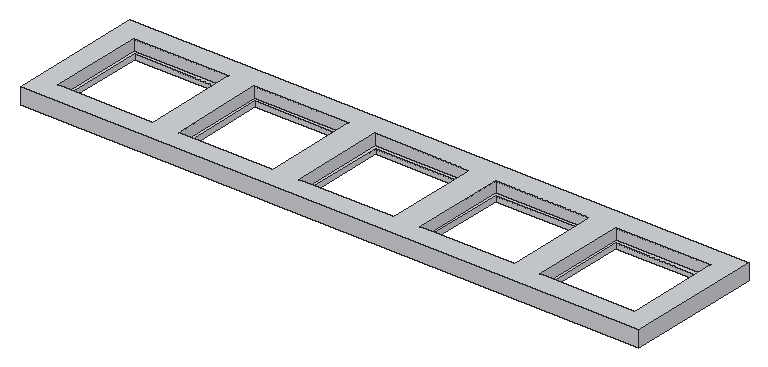
Revit family "Gira_021523", category Electrical Fixtures, host Face, Revit 2017
Family settings
  Host = Face
  Maintain Annotation Orientation = No
  Round Connector Dimension = Use Diameter
  Part Type = Normal
  Cut with Voids When Loaded = No
  Shared = No
  Room Calculation Point = No
Parameters (values of type "Cov.fr. 5-g Gira E2 anthra.")
  With mounting grid = "No"
  With hinged lid = "No"
  URL = "http://katalog.gira.de/en/datenblatt.html?artikelnr=021523"
  Type of fastening = "Clamp mounting"
  Transparent = "No"
  Surface protection = "Other"
  Suitable for wall duct = "No"
  Suitable for flush-mounted installation = "Yes"
  Suitable for floor box = "No"
  Suitable for built-in installation = "No"
  Number of units vertical = "5"
  Number of units horizontal = "5"
  Number of units = "5"
  Name = "Cov.fr. 5-g Gira E2 anthra."
  Mounting direction = "Horizontal and vertical"
  Material quality = "Thermoplastic"
  Material = "Plastic"
  Manufacturer URL = "https://www.gira.de/"
  Manufacturer = "Gira"
  Label space/information surface = "No"
  Keynote = ""
  HeinzeBIM = "https://bimportal.heinze.de/bim/cov-fr-5-g-gira-e2-anthra-/d63b14872217ad70bbc2284b24aab753c0db82b2"
  Halogen free = "Yes"
  HAN = "021523"
  GTIN = "4010337215233"
  Description = "Cov.fr.5g E2 AN,Gira E2 cover frame,anthracite,5-gang,Features:,- Shatter-proof.,,Notes :,- Also suitable for duct installation.,- In connection with the seal kit, frame (1-gang to 5-gang) is also suitable for installation as water-protected flush-mounted IP44."
  Degree of protection (IP) = "IP20"
  Default Elevation = 1219.2 mm
  Data sheet (1) = "https://katalog.gira.de/en/download.html?artikelnr=021523"
  Colour = "Anthracite"
  Category = "Cover frame for domestic switching devices"
  BIM (1) = "https://media.stage.bim.site/public/gira/36a6b08/E2_Rahmen_5fach.rfa"
  Available = "No"
Reference planes
  plane 1 "Center (Front/Back)": y = 0
  plane 2: z = 0
  plane 3 "Center (Left/Right)": x = 0
Forms (mm)
  Extrusion 1, solid, detail levels fine
    sketch origin (0, 0, 0) x (1, 0, 0) y (0, 1, 0)
      loop
        line (183, 40.4) -> (-183, 40.4) -> (-183, -40.4) -> (183, -40.4) -> (183, 40.4)
      loop
        line (114.548, 28.052) -> (114.548, -28.052) -> (170.652, -28.052) -> (170.652, 28.052) -> (114.548, 28.052)
      loop
        line (43.248, 28.052) -> (43.248, -28.052) -> (99.352, -28.052) -> (99.352, 28.052) -> (43.248, 28.052)
      loop
        line (-28.052, 28.052) -> (-28.052, -28.052) -> (28.052, -28.052) -> (28.052, 28.052) -> (-28.052, 28.052)
      loop
        line (-99.352, 28.052) -> (-99.352, -28.052) -> (-43.248, -28.052) -> (-43.248, 28.052) -> (-99.352, 28.052)
      loop
        line (-170.652, 28.052) -> (-170.652, -28.052) -> (-114.548, -28.052) -> (-114.548, 28.052) -> (-170.652, 28.052)
    from 0 to 9.3
  Extrusion 2, solid, detail levels fine
    sketch origin (-142.5, 0, 0) x (1, 0, 0) y (0, 1, 0)
      loop
        line (-28.152, -28.152) -> (28.152, -28.152) -> (28.152, 28.152) -> (-28.152, 28.152) -> (-28.152, -28.152)
      loop
        line (25.9, -25.7) -> (25.9, 25.7) -> (-25.9, 25.7) -> (-25.9, -25.7) -> (25.9, -25.7)
    from 0 to 3
  Extrusion 3, solid, detail levels coarse+medium
    sketch origin (0, 0, 0) x (1, 0, 0) y (0, 1, 0)
      loop
        line (183, 40.4) -> (-183, 40.4) -> (-183, -40.4) -> (183, -40.4) -> (183, 40.4)
    from 0 to 9.3
  Extrusion 4, solid, detail levels fine
    sketch origin (0.1, -0.047, 0) x (1, 0, 0) y (0, 1, 0)
      loop
        line (-28.152, -28.106) -> (28.152, -28.106) -> (28.152, 28.199) -> (-28.152, 28.199) -> (-28.152, -28.106)
      loop
        line (25.9, -25.653) -> (25.9, 25.747) -> (-25.9, 25.747) -> (-25.9, -25.653) -> (25.9, -25.653)
    from 0 to 3
  Extrusion 5, solid, detail levels fine
    sketch origin (142.5, -0.047, 0) x (1, 0, 0) y (0, 1, 0)
      loop
        line (-27.952, -28.006) -> (28.152, -28.006) -> (28.152, 28.099) -> (-27.952, 28.099) -> (-27.952, -28.006)
      loop
        line (26, -25.653) -> (26, 25.747) -> (-25.9, 25.747) -> (-25.9, -25.653) -> (26, -25.653)
    from 0 to 3
  Extrusion 6, solid, detail levels fine
    sketch origin (71.2, -0.047, 0) x (1, 0, 0) y (0, 1, 0)
      loop
        line (-27.952, -28.006) -> (28.152, -28.006) -> (28.152, 28.099) -> (-27.952, 28.099) -> (-27.952, -28.006)
      loop
        line (26, -25.653) -> (26, 25.747) -> (-25.9, 25.747) -> (-25.9, -25.653) -> (26, -25.653)
    from 0 to 3
  Extrusion 7, solid, detail levels fine
    sketch origin (-71.2, -0.047, 0) x (1, 0, 0) y (0, 1, 0)
      loop
        line (-28.152, -28.106) -> (28.152, -28.106) -> (28.152, 28.199) -> (-28.152, 28.199) -> (-28.152, -28.106)
      loop
        line (25.9, -25.653) -> (25.9, 25.747) -> (-25.9, 25.747) -> (-25.9, -25.653) -> (25.9, -25.653)
    from 0 to 3
Dimensions and locks
  aligned and locked: plane 2 to host face
  aligned and locked: level to host face
